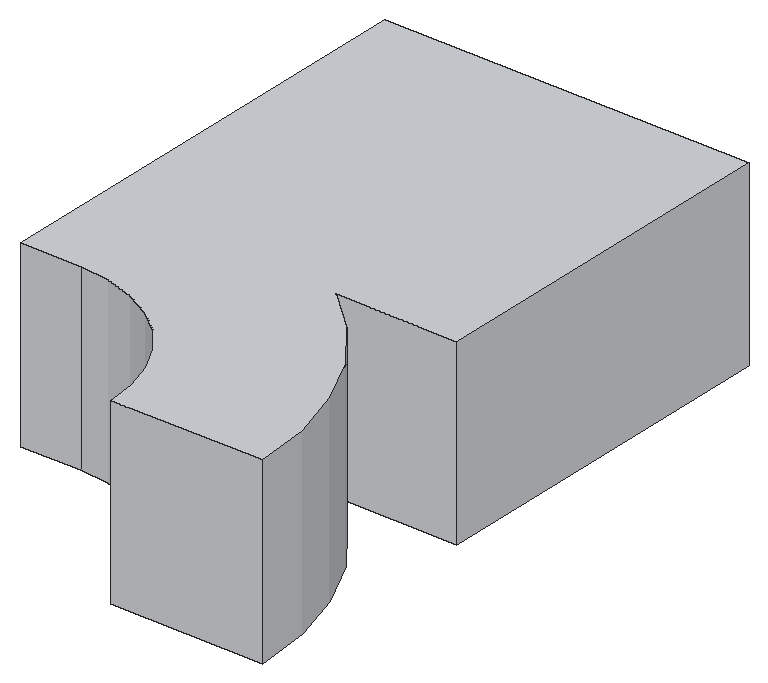
Revit family "M_Rectangular Wye - Smooth Radius", category Duct Fittings, Revit 2014
Parameters (values of type "Standard")
  l1 [instance] = 1.5 * Duct Width 3  # 375 mm
  l0 [instance] = Duct Width 3 / 2  # 125 mm
  Duct Width 2 [instance] = 600 mm
  built-in parameter 1114242 [instance] = (empty or 0)
  Duct Width 3 [instance] = 250 mm
  Duct Width 1 [instance] = 750 mm
  Duct Height [instance] = 300 mm
  Shoulder Length [instance] = 100 mm
  CL_Offset [instance] = abs(Duct Width 1 - Duct Width 2) / 4  # 37.5 mm
  Assembly Code = ""
Reference planes
  plane 1 "Center (Front/Back)": y = 0
  plane 2: z = 0
  plane 3 "Center (Left/Right)": x = 0
  plane 4: y = 337.5
  plane 5: y = -412.5
  plane 6: y = -37.5
  plane 7: y = 37.5
  plane 8: y = -662.5
  plane 9: x = 125
  plane 10: x = -375
  plane 11: x = -475
  plane 12: y = -262.5
  plane 13: x = -125
Forms (mm)
  Sweep 1, solid, detail levels medium+fine
    path in 3D
      loop
        line (-475, -37.5, 0) -> (-375, -37.5, 0)
    profile "M_Duct - Rectangular : Duct - Rectangular 1" origin (-425, -37.5, 0) x (0, 1, 0) y (0, 0, 1)
      loop
        line (-375, 150) -> (-375, -150) -> (375, -150) -> (375, 150) -> (-375, 150)
  Sweep 2, solid, detail levels medium+fine
    path in 3D
      loop
        line (-375, 37.5, 0) -> (125, 37.5, 0)
    profile "M_Duct - Rectangular : Duct - Rectangular 2" origin (-125, 37.5, 0) x (0, 1, 0) y (0, 0, 1)
      loop
        line (-300, 150) -> (-300, -150) -> (300, -150) -> (300, 150) -> (-300, 150)
  Sweep 3, solid, detail levels medium+fine
    path in 3D
      loop
        arc (0, -662.5, 0) -> (-109.835, -397.335, 0) -> (-375, -287.5, 0) r 375
    profile "M_Duct - Rectangular : Duct - Rectangular 3" origin (-109.835, -397.335, 0) x (-0.707107, -0.707107, 0) y (0, 0, 1)
      loop
        line (-125, 150) -> (-125, -150) -> (125, -150) -> (125, 150) -> (-125, 150)
Cuts and joins
  joined: Sweep 1, Sweep 2, Sweep 3
Lines and regions (mm)
  reference lines
    curve 1: line (-475, -37.5, 0) -> (-375, -37.5, 0)
    curve 2: line (-375, 37.5, 0) -> (125, 37.5, 0)
    curve 5: arc (0, -662.5, 0) -> (-109.835, -397.335, 0) -> (-375, -287.5, 0) r 375
  sketch lines
    curve 3: line (-475, -37.5, 0) -> (-375, -37.5, 0)
    curve 4: line (-375, 37.5, 0) -> (125, 37.5, 0)
    curve 6: arc (0, -662.5, 0) -> (-109.835, -397.335, 0) -> (-375, -287.5, 0) r 375
  model lines, style "DuctFitting", detail levels coarse
    curve 7: arc (0, -662.5, 0) -> (-109.835, -397.335, 0) -> (-375, -287.5, 0) r 375
    curve 8: line (-375, -287.5, 0) -> (-475, -37.5, 0)
    curve 9: line (-475, -37.5, 0) -> (-375, 37.5, 0)
    curve 10: line (-375, 37.5, 0) -> (125, 37.5, 0)
Dimensions and locks
  "CL_Offset": plane 1 "Center (Front/Back)" to plane 7
  "CL_Offset": plane 6 to plane 1 "Center (Front/Back)"
  equal spacing: plane 5, plane 6, plane 4
  "Duct Width 1": plane 5 to plane 4
  "Duct Width 3": plane 8 to plane 5
  "l0": plane 3 "Center (Left/Right)" to plane 9
  "l1": plane 10 to plane 3 "Center (Left/Right)"
  "Shoulder Length": plane 11 to plane 10
  "Duct Width 2": plane 12 to plane 4
  "l0": plane 13 to plane 3 "Center (Left/Right)"
  "l1": radius of curve 5
  aligned and locked: plane 11 to curve 1
  aligned and locked: plane 10 to curve 1
  aligned and locked: plane 6 to curve 1
  aligned and locked: plane 10 to curve 2
  aligned and locked: plane 9 to curve 2
  aligned and locked: plane 7 to curve 2
  aligned and locked: plane 8 to curve 5
  aligned and locked: plane 10 to curve 5
  aligned and locked: curve 7 to curve 5
  aligned and locked: plane 9 to curve 10
  aligned and locked: connector elem to curve 8
Automatic sketch dimensions
  curve 9 to plane 10 = 0 mm
  curve 10 to plane 7 = 0 mm
  curve 9 to plane 11 = 0 mm
Connectors
  hvac at (-475, -37.5, 0), driven by "Duct Height", driven by "Duct Width 1"
    settings: on Sweep 1, index 1, duct flow 0.0 L/s, flow factor 0, pres drop 0.0 Pa, loss coef 0, conn angle 0.00°, conn width 750 mm, conn height 300 mm, conn diameter 609.6 mm, duct sys type 28, conn prof type 1, flow config 0, flow direction 0, loss method 0, conn ref index 2, conn util no, is conn primary yes, conn desc ""
  hvac at (125, 37.5, 0), driven by "Duct Height", driven by "Duct Width 2"
    settings: on Sweep 2, index 2, duct flow 0.0 L/s, flow factor 0, pres drop 0.0 Pa, loss coef 0, conn angle 0.00°, conn width 600 mm, conn height 300 mm, conn diameter 609.6 mm, duct sys type 28, conn prof type 1, flow config 0, flow direction 0, loss method 0, conn ref index 1, conn util no, is conn primary no, conn desc ""
  hvac at (0, -662.5, 0), driven by "Duct Height", driven by "Duct Width 3"
    settings: on Sweep 3, index 3, duct flow 0.0 L/s, flow factor 0, pres drop 0.0 Pa, loss coef 0, conn angle 0.00°, conn width 250 mm, conn height 300 mm, conn diameter 609.6 mm, duct sys type 28, conn prof type 1, flow config 0, flow direction 0, loss method 0, conn ref index -1, conn util no, is conn primary no, conn desc ""
